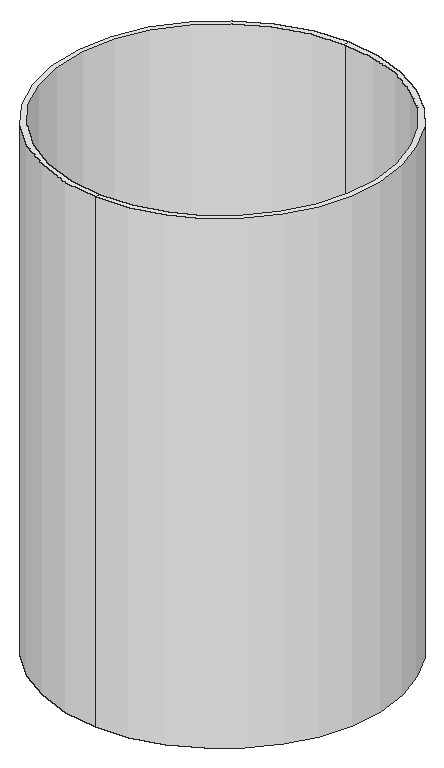
Revit family "ToothbrushHolder-Vitra-OriginSeries-A44889", category Plumbing Fixtures, host Face, Revit 2017
Family settings
  Host = Face
  Round Connector Dimension = Use Diameter
  Part Type = Normal
  OmniClass Number = 23.45.00.00
  OmniClass Title = Sanitary, Laundry, and Cleaning Equipment
  Cut with Voids When Loaded = No
  Shared = Yes
  Room Calculation Point = No
Parameters (values of type "ToothBrushHolder-Vitra-OriginSeries-A44889")
  Youtube = "https://www.youtube.com/user/VitrAglobal"
  Weight Net (kg) = ""
  Waste Connection = no
  Warranty Period (Year) = "5 Years"
  Vent Connection = no
  Uniformat II Description = "Other Equipment"
  Uniformat II Code = "E1090"
  Uniclass 2015 Name = "Toothbrush holders"
  Uniclass 2015 Code = "Pr_40_20_76_89"
  Uniclass 2.0 Description = "Toothbrush Holders"
  Uniclass 2.0 Code = "PR-35-75-89"
  Uniclass 1.4 Description = "Bathroom, toilet furniture and fittings"
  Uniclass 1.4 Code = "L824"
  URL = "https://vitraglobal.com/"
  UNSPSC Description = "Furniture and Furnishings"
  UNSPSC Code = ""
  Technical description = "https://www.vitraglobal.com/pdf/A44889/"
  Tap hole Options (default) = ""
  Specification = ""
  Region South America = "All"
  Region Oceania = "All"
  Region North America = "All"
  Region Middle East = "All"
  Region Europe = "All"
  Region Asia = "All"
  Region Antarctica = "All"
  Region Africa = "All"
  Product url = "https://www.vitraglobal.com/bathroom-accessories/soap-toothbrush-holders/toothbrush-holders/origin-toothbrush-holder-sku-A44889/"
  Product manual = ""
  Product group = "Toothbrush Holder"
  Product family = "OriginSeries"
  Product data url = "https://www.bimobject.com/vitra-bathrooms/product/a44889"
  Product certification = "https://www.vitraglobal.com/brochures/"
  Product Type = "Countertop Toothbrush Holder"
  Product SKU = "A44889"
  Product Properties = ""
  Product Guid = ""
  OmniClass Description = "Toilet and Bath Specialties"
  OmniClass Code = "23-31 25 00"
  Nominal Width (mm) = 70 mm
  Nominal Height (mm) = 105 mm
  Nominal Depth (mm) = 70 mm
  NBS Referans Description = "Toothbrush Holders"
  NBS Referans Code = "35-75-89"
  Mounting type = "Countertop"
  Model = "A44889"
  Masterformat 2014 Description = "Bath Accessories"
  Masterformat 2014 Code = "10 28 16"
  Manufacturer name = "Vitra"
  Manufacturer = "Vitra"
  Main Material = "Metal"
  Installation instructions = ""
  IFC Classification = "Sanitary Terminal"
  Help = ""
  HW Connection = no
  GTIP code = ""
  Features = ""
  EAN code = ""
  Design country = "Turkey"
  Description = "Origin Toothbrush Holder"
  Default Elevation = 0 mm
  Color = "Chrome"
  Coating Material = Chrome
  Calculated flow = ""
  CW Connection = no
  COBIe Type Category = ""
  Brand = "VitrA"
  BIMobject category = "Sanitary - Accessories"
  Article No. (default) = "A44889"
  Approvals = ""
  ApplicationType = ""
  Accessories (default) = ""
Types (4, lengths in mm): name | Technical description | Product url | Product data url | Product SKU | Model | Color | Coating Material | Article No. (default)
  ToothBrushHolder-Vitra-OriginSeries-A44889 | "https://www.vitraglobal.com/pdf/A44889/" | "https://www.vitraglobal.com/bathroom-accessories/soap-toothbrush-holders/toothbrush-holders/origin-toothbrush-holder-sku-A44889/" | "https://www.bimobject.com/vitra-bathrooms/product/a44889" | "A44889" | "A44889" | "Chrome" | Chrome | "A44889"
  ToothBrushHolder-Vitra-OriginSeries-A4488934 | "https://www.vitraglobal.com/pdf/A4488934/" | "https://www.vitraglobal.com/bathroom-accessories/soap-toothbrush-holders/toothbrush-holders/origin-toothbrush-holder-sku-A4488934/" | "https://www.vitraglobal.com/bathroom-accessories/soap-toothbrush-holders/toothbrush-holders/origin-toothbrush-holder-sku-A4488934/" | "A4488934" | "A4488934" | "Brushed Nickel" | Brushed Nickel | "A4488934"
  ToothBrushHolder-Vitra-OriginSeries-A4488936 | "https://www.vitraglobal.com/pdf/A4488936/" | "https://www.vitraglobal.com/bathroom-accessories/soap-toothbrush-holders/toothbrush-holders/origin-toothbrush-holder-sku-A4488936/" | "https://www.vitraglobal.com/bathroom-accessories/soap-toothbrush-holders/toothbrush-holders/origin-toothbrush-holder-sku-A4488936/" | "A4488936" | "A4488936" | "Black" | Black | "A4488936"
  ToothBrushHolder-Vitra-OriginSeries-A4488926 | "https://www.vitraglobal.com/pdf/A4488926/" | "https://www.vitraglobal.com/bathroom-accessories/soap-toothbrush-holders/toothbrush-holders/origin-toothbrush-holder-sku-A4488926/" | "https://www.vitraglobal.com/bathroom-accessories/soap-toothbrush-holders/toothbrush-holders/origin-toothbrush-holder-sku-A4488926/" | "A4488926" | "A4488926" | "Copper" | BrightCopper | "A4488926"
Reference planes
  plane 1 "Center (Front/Back)": y = 0
  plane 2: z = 0
  plane 3 "Center (Left/Right)": x = 0
  plane 4: y = 35
  plane 5: y = -35
  plane 6: x = 34.432
  plane 7: x = -35.568
  plane 8: z = 105
Forms (mm)
  Revolve 1, solid, material "Chrome" <- "Coating Material", detail levels fine
    sketch origin (0, 0, 0) x (0, 1, 0) y (0, 0, 1)
      loop
        line (33.934, 105) -> (33.934, 21.025) -> (0, 21.025) -> (0, 20) -> (34, 20) -> (34, 1.252) -> (0, 1.252) -> (0, 0) -> (35, 0) -> (35, 105) -> (33.934, 105)
      axis (0, 0) -> (0, 105)
    angle from 0 to 360
  Extrusion 2, solid, detail levels coarse
    sketch origin (0, 0, 0) x (1, 0, 0) y (0, 1, 0)
      loop
        circle (0, 0) r 34.432
    from 0 to 105
  Revolve 3, solid, detail levels medium
    sketch origin (0, 0, 0) x (0, 1, 0) y (0, 0, 1)
      loop
        line (35, 0) -> (35, 105) -> (33.622, 105) -> (33.622, 1.252) -> (0, 1.252) -> (0, 0) -> (35, 0)
      axis (0, 0) -> (0, 105)
    angle from 0 to 360
Dimensions and locks
  "Nominal Width (mm)": plane 7 to plane 6
  "Nominal Depth (mm)": plane 4 to plane 5
  "Nominal Height (mm)": plane 8 to host face
  aligned and locked: plane 2 to host face
  aligned and locked: level to host face
Automatic sketch dimensions
  host sketch curve to host sketch curve = 2438.4 mm  (x2)
  Revolve 1 sketch curve to plane 1 "Center (Front/Back)" = 0 mm  (x3)
  Revolve 1 sketch curve to level = 0 mm
  Revolve 1 sketch curve to plane 8 = 0 mm
  Revolve 1 sketch curve to plane 4 = 0 mm
  Revolve 1 sketch curve to plane 4 = 1.066 mm
  Revolve 1 sketch curve to plane 4 = 1 mm
  Revolve 1 sketch curve to Revolve 1 sketch curve = 1.252 mm
  Revolve 1 sketch curve to Revolve 1 sketch curve = 18.748 mm
  Revolve 1 sketch curve to Revolve 1 sketch curve = 1.025 mm
  Revolve 1 sketch curve to Revolve 1 sketch curve = 0 mm
  Revolve 1 sketch curve to Revolve 1 sketch curve = 6.907 mm
  plane 1 "Center (Front/Back)" to Extrusion 2 sketch curve = 0 mm
  Extrusion 2 sketch curve to plane 3 "Center (Left/Right)" = 0 mm
  Revolve 3 sketch curve to plane 1 "Center (Front/Back)" = 0 mm  (x2)
  Revolve 3 sketch curve to level = 0 mm
  Revolve 3 sketch curve to plane 8 = 0 mm
  Revolve 3 sketch curve to plane 4 = 0 mm
  Revolve 3 sketch curve to plane 4 = 1.378 mm
  level to Revolve 3 sketch curve = 1.252 mm
  Revolve 3 sketch curve to Revolve 3 sketch curve = 0 mm
  Revolve 3 sketch curve to Revolve 3 sketch curve = 4.163 mm
  radius of Extrusion 2 sketch curve = 34.432 mm
